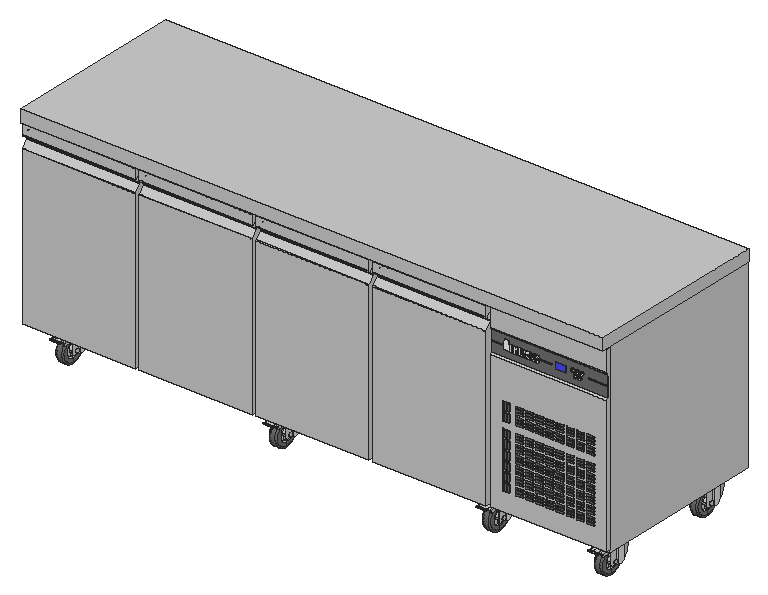
Revit family "QF_INOMAK_PNRP9999_250515103511", category Specialty Equipment, Revit 2021 (continued)
Definition of nested family "QF_INOMAK_REF_COUNTERS_DOORS_DRAWERS_25901"
  Definition of nested family "2_Drawers_1-2"
    Reference planes
      plane 7 "Front legs": y = -690
      plane 8 "Legs top": z = 150
      plane 9 "Backsplash thickness": y = -10
      plane 10 "Left panel": x = 35
      plane 11 "Right panel": x = 1165
      plane 12: z = 600
      plane 13: z = 1046
      plane 14: z = 602
      plane 15: z = 598
      plane 16: z = 154
    Forms (mm)
      Extrusion 1, solid, material <- "Finish", visible <- "2 Drawers"
        sketch origin (35, 0, 0) x (0, -1, 0) y (0, 0, 1)
          loop
            line (690, 602) -> (690, 960.365)
            arc (690, 960.365) -> (689.866, 961.037) -> (689.485, 961.607) r 1.757
            line (689.485, 961.607) -> (666.663, 984.429)
            arc (666.663, 984.429) -> (665.976, 985.458) -> (665.734, 986.672) r 3.172
            line (665.734, 986.672) -> (665.734, 1013.576)
            arc (665.734, 1013.576) -> (666.433, 1015.262) -> (668.119, 1015.961) r 2.385
            line (668.119, 1015.961) -> (680.029, 1015.961) -> (686.544, 1006.657)
            arc (686.544, 1006.657) -> (688.671, 1005.935) -> (690, 1007.747) r 1.9
            line (690, 1007.747) -> (690, 1046) -> (648, 1046) -> (648, 602) -> (690, 602)
        from 0 to -1130
      Extrusion 2, solid, visible <- "2 Drawers", detail levels coarse
        sketch origin (0, -640.463, 602) x (0, 1, 0) y (-1, 0, 0)
          loop
            line (-49.537, -35) -> (-624.537, -35) -> (-624.537, -1165) -> (-49.537, -1165) -> (-49.537, -35)
        from 0 to 444
      Extrusion 3, solid, visible <- "2 Drawers", detail levels coarse
        sketch origin (0, -700, 154) x (-1, 0, 0) y (0, 1, 0)
          loop
            line (-35, 10) -> (-1165, 10) -> (-1165, -565) -> (-35, -565) -> (-35, 10)
        from 0 to -444
      Extrusion 4, solid, material <- "Finish", visible <- "2 Drawers"
        sketch origin (35, 0, -441.333) x (0, -1, 0) y (0, 0, 1)
          loop
            line (690, 595.333) -> (690, 953.698)
            arc (690, 953.698) -> (689.866, 954.37) -> (689.485, 954.94) r 1.757
            line (689.485, 954.94) -> (666.663, 977.763)
            arc (666.663, 977.763) -> (665.976, 978.792) -> (665.734, 980.006) r 3.172
            line (665.734, 980.006) -> (665.734, 1006.909)
            arc (665.734, 1006.909) -> (666.433, 1008.596) -> (668.119, 1009.294) r 2.385
            line (668.119, 1009.294) -> (680.029, 1009.294) -> (686.544, 999.991)
            arc (686.544, 999.991) -> (688.671, 999.268) -> (690, 1001.08) r 1.9
            line (690, 1001.08) -> (690, 1039.333) -> (648, 1039.333) -> (648, 595.333) -> (690, 595.333)
        from 0 to -1130
    Lines and regions (mm)
      symbolic lines, visible <- "2 Drawers"
        curve 1: line (35, -940, 900) -> (35, -980, 900)
        curve 2: line (35, -980, 900) -> (1165, -980, 900)
        curve 3: line (1165, -980, 900) -> (1165, -940, 900)
        curve 4: line (1165, -940, 900) -> (35, -940, 900)
        curve 5: line (1135, -940, 900) -> (1135, -700, 900)
        curve 6: line (65, -940, 900) -> (65, -700, 900)
        curve 7: line (35, -1225, 900) -> (35, -1265, 900)
        curve 8: line (35, -1265, 900) -> (1165, -1265, 900)
        curve 9: line (1165, -1265, 900) -> (1165, -1225, 900)
        curve 10: line (1165, -1225, 900) -> (35, -1225, 900)
        curve 11: line (1135, -1225, 900) -> (1135, -980, 900)
        curve 12: line (65, -1225, 900) -> (65, -980, 900)
    Dimensions and locks
      "Length Actual": plane 3 "Left" to plane 4 "Right"
      "Depth Actual": plane 5 "Front" to plane 1 "Back"
      "Height Actual": plane 6 "Top" to plane 8 "Legs top"
      "Front inset": plane 7 "Front legs" to plane 5 "Front"
      "Plinth height": plane 8 "Legs top" to plane 2
      "Rear inset": plane 9 "Backsplash thickness" to plane 1 "Back"
      "Right panel thickness": plane 11 "Right panel" to plane 4 "Right"
      "Left panel thickness": plane 3 "Left" to plane 10 "Left panel"
      "Top inset": plane 6 "Top" to plane 13
      "Bottom inset": plane 16 to plane 8 "Legs top"
      equal spacing: plane 16, plane 12, plane 13
      locked: plane 14 to plane 12 at 2
      locked: plane 15 to plane 12 at 2
      aligned and locked: level to plane 2
      aligned and locked: Extrusion 1 to plane 11 "Right panel"
      aligned and locked: plane 10 "Left panel" to curve 1
      aligned and locked: plane 10 "Left panel" to curve 7
      aligned and locked: Extrusion 2 sketch curve to plane 10 "Left panel"
      aligned and locked: plane 11 "Right panel" to Extrusion 2 sketch curve
      aligned and locked: Extrusion 3 sketch curve to plane 10 "Left panel"
      aligned and locked: plane 11 "Right panel" to Extrusion 3 sketch curve
      aligned and locked: Extrusion 2 to plane 13
      aligned and locked: Extrusion 4 to plane 11 "Right panel"
      aligned and locked: Extrusion 3 to plane 15
      aligned and locked: Extrusion 1 sketch curve to plane 13
      aligned and locked: Extrusion 1 sketch curve to plane 7 "Front legs"
      aligned and locked: plane 14 to Extrusion 1 sketch curve
      aligned and locked: Extrusion 4 sketch curve to plane 15
      aligned and locked: Extrusion 4 sketch curve to plane 7 "Front legs"
      aligned and locked: Extrusion 4 sketch curve to plane 16
    Automatic sketch dimensions
      Extrusion 2 sketch curve to plane 7 "Front legs" = 0 mm
      Extrusion 2 sketch curve to plane 5 "Front" = 565 mm
      Extrusion 3 sketch curve to plane 7 "Front legs" = 0 mm
      Extrusion 3 sketch curve to plane 5 "Front" = 565 mm
      curve 9 to plane 11 "Right panel" = 0 mm
      curve 2 to plane 11 "Right panel" = 0 mm
      curve 5 to plane 5 "Front" = 0 mm
      curve 6 to plane 5 "Front" = 0 mm
      curve 1 to plane 5 "Front" = 240 mm
      curve 3 to curve 3 = 40 mm
      curve 7 to curve 1 = 245 mm
      curve 8 to curve 9 = 40 mm
      plane 11 "Right panel" to curve 5 = 30 mm
      curve 2 to curve 11 = 30 mm
      curve 6 to plane 10 "Left panel" = 30 mm
      curve 12 to plane 10 "Left panel" = 30 mm
      Extrusion 1 sketch curve to Extrusion 1 sketch curve = 17.734 mm
      Extrusion 1 sketch curve to Extrusion 1 sketch curve = 0.929 mm
      Extrusion 1 sketch curve to Extrusion 1 sketch curve = 2.385 mm
      Extrusion 1 sketch curve to Extrusion 1 sketch curve = 3.172 mm
      Extrusion 1 sketch curve to Extrusion 1 sketch curve = 11.91 mm
      Extrusion 1 sketch curve to Extrusion 1 sketch curve = 6.515 mm
      Extrusion 1 sketch curve to Extrusion 1 sketch curve = 1.556 mm
      Extrusion 1 sketch curve to Extrusion 1 sketch curve = 21.58 mm
      Extrusion 1 sketch curve to Extrusion 1 sketch curve = 1.242 mm
      Extrusion 1 sketch curve to Extrusion 1 sketch curve = 1.9 mm
      Extrusion 1 sketch curve to Extrusion 1 sketch curve = 0.515 mm
      Extrusion 1 sketch curve to Extrusion 1 sketch curve = 22.822 mm
      Extrusion 1 sketch curve to Extrusion 1 sketch curve = 19.985 mm
      Extrusion 1 sketch curve to Extrusion 1 sketch curve = 6.919 mm
      Extrusion 1 sketch curve to Extrusion 1 sketch curve = 30.039 mm
      Extrusion 4 sketch curve to plane 7 "Front legs" = 0 mm
      plane 7 "Front legs" to Extrusion 4 sketch curve = 0.515 mm
      plane 7 "Front legs" to Extrusion 4 sketch curve = 1.757 mm
      plane 7 "Front legs" to Extrusion 4 sketch curve = 1.9 mm
      Extrusion 4 sketch curve to Extrusion 4 sketch curve = 1.556 mm
      plane 7 "Front legs" to Extrusion 4 sketch curve = 9.971 mm
      plane 7 "Front legs" to Extrusion 4 sketch curve = 21.094 mm
      Extrusion 4 sketch curve to Extrusion 4 sketch curve = 11.91 mm
      Extrusion 4 sketch curve to Extrusion 4 sketch curve = 2.243 mm
      Extrusion 4 sketch curve to Extrusion 4 sketch curve = 2.385 mm
      Extrusion 4 sketch curve to Extrusion 4 sketch curve = 20.119 mm
      Extrusion 4 sketch curve to Extrusion 4 sketch curve = 22.822 mm
      Extrusion 4 sketch curve to Extrusion 4 sketch curve = 19.985 mm
      Extrusion 4 sketch curve to Extrusion 4 sketch curve = 6.919 mm
      Extrusion 4 sketch curve to Extrusion 4 sketch curve = 30.039 mm
  Definition of nested family "2_Drawers_1-3_2-3"
    Parameters (values of type "2 Drawers 1-3 and 2-3")
      URL = "www.specifiglobal.com"
      Top inset [instance] = 4 mm
      Right panel thickness [instance] = 35 mm
      Rear inset [instance] = 10 mm
      Plinth height [instance] = 150 mm
      Model = ""
      Manufacturer = "DEMO CONSULTANT"
      Length Actual [instance] = 1200 mm
      Left panel thickness [instance] = 35 mm
      Height Actual [instance] = 900 mm
      Front inset [instance] = 10 mm
      Finish = none
      Doors drawers type [instance] = 5
      Description = ""
      Depth Actual [instance] = 700 mm
      Default Elevation = 0 mm
      Bottom inset [instance] = 4 mm
      Assembly Code = "E1090320"
      2 Drawers 1-3 and 2-3 [instance] = Doors drawers type = 5  # yes
    Reference planes
      plane 1 "Back": y = 0
      plane 2: z = 0
      plane 3 "Left": x = 0
      plane 4 "Right": x = 1200
      plane 5 "Front": y = -700
      plane 6 "Top": z = 1050
      plane 7 "Front legs": y = -690
      plane 8 "Legs top": z = 150
      plane 9 "Backsplash thickness": y = -10
      plane 10 "Left panel": x = 35
      plane 11 "Right panel": x = 1165
      plane 12: z = 1046
      plane 13: z = 751.833
      plane 14: z = 746.833
      plane 15: z = 154
      plane 16: z = 450.667
      plane 17: z = 152
      plane 18: z = 1048
      plane 19: z = 749.333
    Forms (mm)
      Extrusion 1, solid, material <- "Finish", visible <- "2 Drawers 1-3 and 2-3"
        sketch origin (35, 0, 0) x (0, -1, 0) y (0, 0, 1)
          loop
            line (690, 751.833) -> (690, 960.365)
            arc (690, 960.365) -> (689.866, 961.037) -> (689.485, 961.607) r 1.757
            line (689.485, 961.607) -> (666.663, 984.429)
            arc (666.663, 984.429) -> (665.976, 985.458) -> (665.734, 986.672) r 3.172
            line (665.734, 986.672) -> (665.734, 1013.576)
            arc (665.734, 1013.576) -> (666.433, 1015.262) -> (668.119, 1015.961) r 2.385
            line (668.119, 1015.961) -> (680.029, 1015.961) -> (686.544, 1006.657)
            arc (686.544, 1006.657) -> (688.671, 1005.935) -> (690, 1007.747) r 1.9
            line (690, 1007.747) -> (690, 1046) -> (648, 1046) -> (648, 751.833) -> (690, 751.833)
        from 0 to -1130
      Extrusion 2, solid, visible <- "2 Drawers 1-3 and 2-3", detail levels coarse
        sketch origin (0, -640.463, 751.833) x (0, 1, 0) y (-1, 0, 0)
          loop
            line (-49.537, -35) -> (-624.537, -35) -> (-624.537, -1165) -> (-49.537, -1165) -> (-49.537, -35)
        from 0 to 294.167
      Extrusion 3, solid, visible <- "2 Drawers 1-3 and 2-3", detail levels coarse
        sketch origin (0, -700, 154) x (-1, 0, 0) y (0, 1, 0)
          loop
            line (-35, 10) -> (-1165, 10) -> (-1165, -565) -> (-35, -565) -> (-35, 10)
        from 0 to -592.833
      Extrusion 4, solid, material <- "Finish", visible <- "2 Drawers 1-3 and 2-3"
        sketch origin (35, 0, -441.333) x (0, -1, 0) y (0, 0, 1)
          loop
            line (690, 595.333) -> (690, 1101.698)
            arc (690, 1101.698) -> (689.866, 1102.37) -> (689.485, 1102.94) r 1.757
            line (689.485, 1102.94) -> (666.663, 1126.596)
            arc (666.663, 1126.596) -> (665.976, 1127.625) -> (665.734, 1128.839) r 3.172
            line (665.734, 1128.839) -> (665.734, 1155.743)
            arc (665.734, 1155.743) -> (666.433, 1157.429) -> (668.119, 1158.128) r 2.385
            line (668.119, 1158.128) -> (680.029, 1158.128) -> (686.544, 1148.824)
            arc (686.544, 1148.824) -> (688.671, 1148.102) -> (690, 1149.914) r 1.9
            line (690, 1149.914) -> (690, 1188.167) -> (648, 1188.167) -> (648, 595.333) -> (690, 595.333)
        from 0 to -1130
    Lines and regions (mm)
      symbolic lines, visible <- "2 Drawers 1-3 and 2-3"
        curve 1: line (35, -1000, 900) -> (35, -1040, 900)
        curve 2: line (35, -1040, 900) -> (1165, -1040, 900)
        curve 3: line (1165, -1040, 900) -> (1165, -1000, 900)
        curve 4: line (1165, -1000, 900) -> (35, -1000, 900)
        curve 5: line (1135, -1000, 900) -> (1135, -700, 900)
        curve 6: line (65, -1000, 900) -> (65, -700, 900)
        curve 7: line (35, -1225, 900) -> (35, -1265, 900)
        curve 8: line (35, -1265, 900) -> (1165, -1265, 900)
        curve 9: line (1165, -1265, 900) -> (1165, -1225, 900)
        curve 10: line (1165, -1225, 900) -> (35, -1225, 900)
        curve 11: line (1135, -1225, 900) -> (1135, -1040, 900)
        curve 12: line (65, -1225, 900) -> (65, -1040, 900)
    Dimensions and locks
      "Length Actual": plane 3 "Left" to plane 4 "Right"
      "Depth Actual": plane 5 "Front" to plane 1 "Back"
      "Height Actual": plane 6 "Top" to plane 8 "Legs top"
      "Front inset": plane 7 "Front legs" to plane 5 "Front"
      "Plinth height": plane 8 "Legs top" to plane 2
      "Rear inset": plane 9 "Backsplash thickness" to plane 1 "Back"
      "Right panel thickness": plane 11 "Right panel" to plane 4 "Right"
      "Left panel thickness": plane 3 "Left" to plane 10 "Left panel"
      "Top inset": plane 6 "Top" to plane 12
      locked: plane 13 to plane 14 at 5
      "Bottom inset": plane 15 to plane 8 "Legs top"
      equal spacing: plane 17, plane 16, plane 19, plane 18
      equal spacing: plane 12, plane 18, plane 6 "Top"
      equal spacing: plane 14, plane 19, plane 13
      equal spacing: plane 15, plane 17, plane 8 "Legs top"
      aligned and locked: level to plane 2
      aligned and locked: Extrusion 1 to plane 11 "Right panel"
      aligned and locked: plane 10 "Left panel" to curve 1
      aligned and locked: plane 10 "Left panel" to curve 7
      aligned and locked: Extrusion 2 sketch curve to plane 10 "Left panel"
      aligned and locked: plane 11 "Right panel" to Extrusion 2 sketch curve
      aligned and locked: Extrusion 3 sketch curve to plane 10 "Left panel"
      aligned and locked: plane 11 "Right panel" to Extrusion 3 sketch curve
      aligned and locked: Extrusion 2 to plane 12
      aligned and locked: Extrusion 4 to plane 11 "Right panel"
      aligned and locked: Extrusion 3 to plane 14
      aligned and locked: plane 13 to Extrusion 1 sketch curve
      aligned and locked: Extrusion 2 to Extrusion 1 sketch curve
      aligned and locked: Extrusion 3 to Extrusion 4 sketch curve
      aligned and locked: Extrusion 4 sketch curve to Extrusion 3  (x2)
      aligned and locked: Extrusion 1 sketch curve to plane 7 "Front legs"
    Automatic sketch dimensions
      Extrusion 2 sketch curve to plane 7 "Front legs" = 0 mm
      Extrusion 2 sketch curve to plane 5 "Front" = 565 mm
      Extrusion 3 sketch curve to plane 7 "Front legs" = 0 mm
      Extrusion 3 sketch curve to plane 5 "Front" = 565 mm
      curve 9 to plane 11 "Right panel" = 0 mm
      curve 2 to plane 11 "Right panel" = 0 mm
      curve 5 to plane 5 "Front" = 0 mm
      curve 6 to plane 5 "Front" = 0 mm
      curve 1 to plane 5 "Front" = 300 mm
      curve 3 to curve 3 = 40 mm
      curve 7 to curve 1 = 185 mm
      curve 8 to curve 9 = 40 mm
      plane 11 "Right panel" to curve 5 = 30 mm
      curve 11 to curve 5 = 0 mm
      curve 6 to plane 10 "Left panel" = 30 mm
      curve 12 to curve 6 = 0 mm
      Extrusion 1 sketch curve to plane 7 "Front legs" = 0 mm
      plane 7 "Front legs" to Extrusion 1 sketch curve = 0.515 mm
      plane 7 "Front legs" to Extrusion 1 sketch curve = 1.757 mm
      plane 7 "Front legs" to Extrusion 1 sketch curve = 1.9 mm
      Extrusion 1 sketch curve to Extrusion 1 sketch curve = 1.556 mm
      plane 7 "Front legs" to Extrusion 1 sketch curve = 9.971 mm
      plane 7 "Front legs" to Extrusion 1 sketch curve = 21.094 mm
      Extrusion 1 sketch curve to Extrusion 1 sketch curve = 11.91 mm
      Extrusion 1 sketch curve to Extrusion 1 sketch curve = 2.243 mm
      Extrusion 1 sketch curve to Extrusion 1 sketch curve = 2.385 mm
      Extrusion 1 sketch curve to Extrusion 1 sketch curve = 20.119 mm
      plane 12 to Extrusion 1 sketch curve = 85.635 mm
      Extrusion 1 sketch curve to Extrusion 1 sketch curve = 22.822 mm
      Extrusion 1 sketch curve to Extrusion 1 sketch curve = 19.985 mm
      Extrusion 1 sketch curve to Extrusion 1 sketch curve = 6.919 mm
      plane 12 to Extrusion 1 sketch curve = 0 mm
      Extrusion 4 sketch curve to plane 7 "Front legs" = 0 mm
      plane 7 "Front legs" to Extrusion 4 sketch curve = 0.515 mm
      plane 7 "Front legs" to Extrusion 4 sketch curve = 1.9 mm
      Extrusion 4 sketch curve to Extrusion 4 sketch curve = 1.556 mm
      plane 7 "Front legs" to Extrusion 4 sketch curve = 9.971 mm
      plane 7 "Front legs" to Extrusion 4 sketch curve = 21.094 mm
      Extrusion 4 sketch curve to Extrusion 4 sketch curve = 11.91 mm
      Extrusion 4 sketch curve to Extrusion 4 sketch curve = 2.243 mm
      Extrusion 4 sketch curve to Extrusion 4 sketch curve = 2.385 mm
      Extrusion 4 sketch curve to Extrusion 4 sketch curve = 20.119 mm
      Extrusion 4 sketch curve to Extrusion 4 sketch curve = 86.469 mm
      Extrusion 4 sketch curve to Extrusion 4 sketch curve = 23.656 mm
      Extrusion 4 sketch curve to Extrusion 4 sketch curve = 19.985 mm
      Extrusion 4 sketch curve to Extrusion 4 sketch curve = 6.919 mm
      plane 7 "Front legs" to Extrusion 4 sketch curve = 1.757 mm
  Definition of nested family "Sliding_Doors"
    Parameters (values of type "Sliding doors")
      URL = "www.specifiglobal.com"
      Top inset [instance] = 4 mm
      Sliding doors [instance] = Doors drawers type = 2  # yes
      Right panel thickness [instance] = 35 mm
      Rear inset [instance] = 10 mm
      Plinth height [instance] = 150 mm
      Model = ""
      Manufacturer = "DEMO CONSULTANT"
      Length Actual [instance] = 1200 mm
      Left panel thickness [instance] = 35 mm
      Height Actual [instance] = 900 mm
      Front inset [instance] = 10 mm
      Finish [instance] = none
      Doors drawers type [instance] = 2
      Description = ""
      Depth Actual [instance] = 700 mm
      Default Elevation = 0 mm
      Bottom inset [instance] = 4 mm
      Assembly Code = "E1090320"
    Reference planes
      plane 1 "Back": y = 0
      plane 2: z = 0
      plane 3 "Left": x = 0
      plane 4 "Right": x = 1200
      plane 5 "Front": y = -700
      plane 6 "Top": z = 1050
      plane 7 "Front legs": y = -690
      plane 8 "Legs top": z = 150
      plane 9 "Backsplash thickness": y = -10
      plane 10: x = 35
      plane 11: x = 1165
      plane 12 "Center Left-Right": x = 600
      plane 13: z = 154
      plane 14: z = 1046
    Forms (mm)
      Extrusion 1, solid, material <- "Finish", visible <- "Sliding doors"
        sketch origin (0, -690, 154) x (-1, 0, 0) y (0, 1, 0)
          loop
            line (-35, 10) -> (-35, 20) -> (-620, 20) -> (-620, 0) -> (-91.156, 0)
            arc (-91.156, 0) -> (-85.272, 0.885) -> (-79.91, 3.461) r 20
            line (-79.91, 3.461) -> (-60, 17) -> (-38, 17) -> (-38, 10)
            arc (-38, 10) -> (-40.05, 5.05) -> (-45, 3) r 7
            line (-45, 3) -> (-50.012, 3) -> (-50.012, 0) -> (-45, 0)
            arc (-45, 0) -> (-37.929, 2.929) -> (-35, 10) r 10
        from 0 to -892
      Extrusion 2, solid, material <- "Finish", visible <- "Sliding doors"
        sketch origin (0, -689, 154) x (-1, 0, 0) y (0, 1, 0)
          loop
            arc (-1065, 30) -> (-1062.071, 22.929) -> (-1055, 20) r 10
            line (-1055, 20) -> (-1049.988, 20) -> (-1049.988, 23) -> (-1055, 23)
            arc (-1055, 23) -> (-1059.95, 25.05) -> (-1062, 30) r 7
            line (-1062, 30) -> (-1062, 37) -> (-1040, 37) -> (-1020.09, 23.461)
            arc (-1020.09, 23.461) -> (-1014.728, 20.885) -> (-1008.844, 20) r 20
            line (-1008.844, 20) -> (-480, 20) -> (-480, 40) -> (-1065, 40) -> (-1065, 30)
        from 0 to -892
    Lines and regions (mm)
      symbolic lines, visible <- "Sliding doors"
        curve 1: line (1065, -649, 150) -> (480, -649, 150)
        curve 2: line (1065, -669, 150) -> (1065, -649, 150)
        curve 3: line (480, -669, 150) -> (1065, -669, 150)
        curve 4: line (480, -649, 150) -> (480, -669, 150)
        curve 5: line (620, -690, 150) -> (35, -690, 150)
        curve 6: line (620, -670, 150) -> (620, -690, 150)
        curve 7: line (35, -670, 150) -> (620, -670, 150)
        curve 8: line (35, -690, 150) -> (35, -670, 150)
    Dimensions and locks
      "Length Actual": plane 3 "Left" to plane 4 "Right"
      "Depth Actual": plane 5 "Front" to plane 1 "Back"
      "Height Actual": plane 6 "Top" to plane 8 "Legs top"
      "Front inset": plane 7 "Front legs" to plane 5 "Front"
      "Plinth height": plane 8 "Legs top" to plane 2
      "Rear inset": plane 9 "Backsplash thickness" to plane 1 "Back"
      "Right panel thickness": plane 11 to plane 4 "Right"
      "Left panel thickness": plane 3 "Left" to plane 10
      equal spacing: plane 10, plane 12 "Center Left-Right", plane 11
      "Top inset": plane 6 "Top" to plane 14
      "Bottom inset": plane 13 to plane 8 "Legs top"
      locked: plane 12 "Center Left-Right" to curve 4 at 120
      locked: plane 12 "Center Left-Right" to curve 5 at 20
      locked: plane 11 to curve 1 at 100
      aligned and locked: level to plane 2
      aligned and locked: Extrusion 1 sketch curve to plane 7 "Front legs"
      aligned and locked: Extrusion 1 sketch curve to plane 10
      aligned and locked: Extrusion 1 to plane 14
      aligned and locked: Extrusion 2 to plane 14
      aligned and locked: curve 8 to plane 10
    Automatic sketch dimensions
      Extrusion 2 sketch curve to Extrusion 2 sketch curve = 0 mm  (x2)
      plane 11 to Extrusion 2 sketch curve = 100 mm
      Extrusion 2 sketch curve to Extrusion 2 sketch curve = 3 mm
      Extrusion 2 sketch curve to Extrusion 2 sketch curve = 7 mm  (x2)
      Extrusion 2 sketch curve to Extrusion 2 sketch curve = 5.012 mm
      plane 7 "Front legs" to Extrusion 2 sketch curve = 38 mm
      Extrusion 2 sketch curve to Extrusion 2 sketch curve = 15 mm
      plane 7 "Front legs" to Extrusion 2 sketch curve = 24.461 mm
      Extrusion 2 sketch curve to Extrusion 2 sketch curve = 19.91 mm
      Extrusion 2 sketch curve to Extrusion 2 sketch curve = 11.246 mm
      Extrusion 2 sketch curve to plane 12 "Center Left-Right" = 120 mm
      Extrusion 2 sketch curve to Extrusion 2 sketch curve = 16.539 mm
      Extrusion 2 sketch curve to Extrusion 2 sketch curve = 20 mm
      Extrusion 1 sketch curve to Extrusion 1 sketch curve = 0 mm  (x2)
      Extrusion 1 sketch curve to plane 7 "Front legs" = 0 mm
      Extrusion 1 sketch curve to plane 10 = 3 mm
      Extrusion 1 sketch curve to Extrusion 1 sketch curve = 7 mm
      Extrusion 1 sketch curve to Extrusion 1 sketch curve = 5.012 mm
      Extrusion 1 sketch curve to Extrusion 1 sketch curve = 15 mm
      plane 7 "Front legs" to Extrusion 1 sketch curve = 3.461 mm
      Extrusion 1 sketch curve to Extrusion 1 sketch curve = 19.91 mm
      Extrusion 1 sketch curve to Extrusion 1 sketch curve = 11.246 mm
      plane 12 "Center Left-Right" to Extrusion 1 sketch curve = 20 mm
      Extrusion 1 sketch curve to Extrusion 1 sketch curve = 20 mm
      Extrusion 1 sketch curve to Extrusion 1 sketch curve = 3 mm
      curve 8 to plane 7 "Front legs" = 0 mm
      curve 5 to curve 6 = 20 mm
      plane 7 "Front legs" to curve 2 = 21 mm
      curve 2 to curve 2 = 20 mm
  Definition of nested family "4_Drawers_1-4"
    Parameters (values of type "4 Drawers 1-4")
      URL = "www.specifiglobal.com"
      Top inset [instance] = 4 mm
      Right panel thickness [instance] = 35 mm
      Rear inset [instance] = 10 mm
      Plinth height [instance] = 150 mm
      Model = ""
      Manufacturer = "DEMO CONSULTANT"
      Length Actual [instance] = 1200 mm
      Left panel thickness [instance] = 35 mm
      Height Actual [instance] = 900 mm
      Front inset [instance] = 10 mm
      Finish [instance] = none
      Doors drawers type [instance] = 7
      Description = ""
      Depth Actual [instance] = 700 mm
      Default Elevation = 0 mm
      Bottom inset [instance] = 4 mm
      Assembly Code = "E1090320"
      4 Drawers [instance] = Doors drawers type = 7  # yes
    Reference planes
      plane 1 "Back": y = 0
      plane 2: z = 0
      plane 3 "Left": x = 0
      plane 4 "Right": x = 1200
      plane 5 "Front": y = -700
      plane 6 "Top": z = 1050
      plane 7 "Front legs": y = -690
      plane 8 "Legs top": z = 150
      plane 9 "Backsplash thickness": y = -10
      plane 10 "Left panel": x = 35
      plane 11 "Right panel": x = 1165
      plane 12: z = 824.25
      plane 13: z = 1046
      plane 14: z = 826.083
      plane 15: z = 822.417
      plane 16: z = 1048.5
      plane 17: z = 375.75
      plane 18: z = 377.917
      plane 19: z = 373.583
      plane 20: z = 154
      plane 21: z = 151.5
      plane 22: z = 600
      plane 23: z = 601.833
      plane 24: z = 598.167
    Forms (mm)
      Extrusion 1, solid, material <- "Finish", visible <- "4 Drawers"
        sketch origin (35, 0, -1) x (0, -1, 0) y (0, 0, 1)
          loop
            line (680, 1047) -> (670, 1047) -> (670, 827.083) -> (690, 827.083) -> (690, 990.844)
            arc (690, 990.844) -> (689.115, 996.728) -> (686.539, 1002.09) r 20
            line (686.539, 1002.09) -> (673, 1022) -> (673, 1044) -> (680, 1044)
            arc (680, 1044) -> (684.95, 1041.95) -> (687, 1037) r 7
            line (687, 1037) -> (687, 1031.988) -> (690, 1031.988) -> (690, 1037)
            arc (690, 1037) -> (687.071, 1044.071) -> (680, 1047) r 10
        from 0 to -1130
      Extrusion 2, solid, visible <- "4 Drawers", detail levels coarse
        sketch origin (0, -640.463, 826.083) x (0, 1, 0) y (-1, 0, 0)
          loop
            line (-49.537, -35) -> (-624.537, -35) -> (-624.537, -1165) -> (-49.537, -1165) -> (-49.537, -35)
        from 0 to 219.917
      Extrusion 3, solid, visible <- "4 Drawers", detail levels coarse
        sketch origin (0, -700, 154) x (-1, 0, 0) y (0, 1, 0)
          loop
            line (-35, 10) -> (-1165, 10) -> (-1165, -565) -> (-35, -565) -> (-35, 10)
        from 0 to -219.583
      Extrusion 4, solid, material <- "Finish", visible <- "4 Drawers"
        sketch origin (35, 0, -440.333) x (0, -1, 0) y (0, 0, 1)
          loop
            line (680, 813.917) -> (670, 813.917) -> (670, 594.333) -> (690, 594.333) -> (690, 757.761)
            arc (690, 757.761) -> (689.115, 763.644) -> (686.539, 769.007) r 20
            line (686.539, 769.007) -> (673, 788.917) -> (673, 810.917) -> (680, 810.917)
            arc (680, 810.917) -> (684.95, 808.866) -> (687, 803.917) r 7
            line (687, 803.917) -> (687, 798.904) -> (690, 798.904) -> (690, 803.917)
            arc (690, 803.917) -> (687.071, 810.988) -> (680, 813.917) r 10
        from 0 to -1130
      Extrusion 5, solid, material <- "Finish", visible <- "4 Drawers"
        sketch origin (35, 0, -165.333) x (0, -1, 0) y (0, 0, 1)
          loop
            line (680, 987.75) -> (670, 987.75) -> (670, 767.167) -> (690, 767.167) -> (690, 931.594)
            arc (690, 931.594) -> (689.115, 937.478) -> (686.539, 942.84) r 20
            line (686.539, 942.84) -> (673, 962.75) -> (673, 984.75) -> (680, 984.75)
            arc (680, 984.75) -> (684.95, 982.7) -> (687, 977.75) r 7
            line (687, 977.75) -> (687, 972.738) -> (690, 972.738) -> (690, 977.75)
            arc (690, 977.75) -> (687.071, 984.821) -> (680, 987.75) r 10
        from 0 to -1130
      Extrusion 6, solid, material <- "Finish", visible <- "4 Drawers"
        sketch origin (35, 0, -330.333) x (0, -1, 0) y (0, 0, 1)
          loop
            line (680, 928.5) -> (670, 928.5) -> (670, 708.25) -> (690, 708.25) -> (690, 872.344)
            arc (690, 872.344) -> (689.115, 878.228) -> (686.539, 883.59) r 20
            line (686.539, 883.59) -> (673, 903.5) -> (673, 925.5) -> (680, 925.5)
            arc (680, 925.5) -> (684.95, 923.45) -> (687, 918.5) r 7
            line (687, 918.5) -> (687, 913.488) -> (690, 913.488) -> (690, 918.5)
            arc (690, 918.5) -> (687.071, 925.571) -> (680, 928.5) r 10
        from 0 to -1130
      Extrusion 7, solid, visible <- "4 Drawers", detail levels coarse
        sketch origin (0, -500.463, 601.833) x (0, 1, 0) y (-1, 0, 0)
          loop
            line (-189.537, -35) -> (-764.537, -35) -> (-764.537, -1165) -> (-189.537, -1165) -> (-189.537, -35)
        from 0 to 220.583
      Extrusion 8, solid, visible <- "4 Drawers", detail levels coarse
        sketch origin (0, -540.463, 377.917) x (0, 1, 0) y (-1, 0, 0)
          loop
            line (-149.537, -35) -> (-724.537, -35) -> (-724.537, -1165) -> (-149.537, -1165) -> (-149.537, -35)
        from 0 to 220.25
    Lines and regions (mm)
      symbolic lines, visible <- "4 Drawers"
        curve 1: line (35, -945, 900) -> (35, -985, 900)
        curve 2: line (35, -985, 900) -> (1165, -985, 900)
        curve 3: line (1165, -985, 900) -> (1165, -945, 900)
        curve 4: line (1165, -945, 900) -> (35, -945, 900)
        curve 5: line (1135, -945, 900) -> (1135, -845, 900)
        curve 6: line (65, -945, 900) -> (65, -845, 900)
        curve 7: line (35, -1085, 900) -> (35, -1125, 900)
        curve 8: line (35, -1125, 900) -> (1165, -1125, 900)
        curve 9: line (1165, -1125, 900) -> (1165, -1085, 900)
        curve 10: line (1165, -1085, 900) -> (35, -1085, 900)
        curve 11: line (1135, -1085, 900) -> (1135, -985, 900)
        curve 12: line (65, -1085, 900) -> (65, -985, 900)
        curve 13: line (35, -1225, 900) -> (35, -1265, 900)
        curve 14: line (35, -1265, 900) -> (1165, -1265, 900)
        curve 15: line (1165, -1265, 900) -> (1165, -1225, 900)
        curve 16: line (1165, -1225, 900) -> (35, -1225, 900)
        curve 17: line (1135, -1225, 900) -> (1135, -1125, 900)
        curve 18: line (65, -1225, 900) -> (65, -1125, 900)
        curve 19: line (35, -805, 900) -> (35, -845, 900)
        curve 20: line (35, -845, 900) -> (1165, -845, 900)
        curve 21: line (1165, -845, 900) -> (1165, -805, 900)
        curve 22: line (1165, -805, 900) -> (35, -805, 900)
        curve 23: line (65, -805, 900) -> (65, -700, 900)
        curve 24: line (1135, -805, 900) -> (1135, -700, 900)
    Dimensions and locks
      "Length Actual": plane 3 "Left" to plane 4 "Right"
      "Depth Actual": plane 5 "Front" to plane 1 "Back"
      "Height Actual": plane 6 "Top" to plane 8 "Legs top"
      "Front inset": plane 7 "Front legs" to plane 5 "Front"
      "Plinth height": plane 8 "Legs top" to plane 2
      "Rear inset": plane 9 "Backsplash thickness" to plane 1 "Back"
      "Right panel thickness": plane 11 "Right panel" to plane 4 "Right"
      "Left panel thickness": plane 3 "Left" to plane 10 "Left panel"
      locked: plane 14 to plane 15 at 3.667
      equal spacing: plane 14, plane 12, plane 15
      locked: plane 23 to plane 24 at 3.667
      equal spacing: plane 23, plane 22, plane 24
      "Bottom inset": plane 20 to plane 8 "Legs top"
      equal spacing: plane 19, plane 17, plane 18
      locked: plane 19 to plane 18 at 4.333
      equal spacing: plane 21, plane 17, plane 22, plane 12, plane 16
      locked: plane 13 to plane 16 at 2.5
      "Top inset": plane 13 to plane 6 "Top"
      locked: plane 21 to plane 20 at 2.5
      aligned and locked: level to plane 2
      aligned and locked: plane 7 "Front legs" to Extrusion 1 sketch curve  (x2)
      aligned and locked: Extrusion 1 to plane 11 "Right panel"
      aligned and locked: Extrusion 1 sketch curve to plane 13
      aligned and locked: Extrusion 1 sketch curve to plane 14
      aligned and locked: plane 10 "Left panel" to curve 1
      aligned and locked: plane 10 "Left panel" to curve 7
      aligned and locked: plane 10 "Left panel" to curve 13
      aligned and locked: Extrusion 2 sketch curve to plane 10 "Left panel"
      aligned and locked: plane 11 "Right panel" to Extrusion 2 sketch curve
      aligned and locked: Extrusion 3 sketch curve to plane 10 "Left panel"
      aligned and locked: plane 11 "Right panel" to Extrusion 3 sketch curve
      aligned and locked: Extrusion 2 to plane 13
      aligned and locked: Extrusion 3 to plane 19
      aligned and locked: plane 20 to Extrusion 4 sketch curve
      aligned and locked: Extrusion 4 to plane 11 "Right panel"
      aligned and locked: Extrusion 5 sketch curve to plane 15
      aligned and locked: plane 7 "Front legs" to Extrusion 5 sketch curve
      aligned and locked: Extrusion 5 sketch curve to plane 23
      aligned and locked: Extrusion 6 sketch curve to plane 24
      aligned and locked: plane 7 "Front legs" to Extrusion 6 sketch curve
      aligned and locked: Extrusion 6 sketch curve to plane 18
      aligned and locked: Extrusion 7 to plane 15
      aligned and locked: Extrusion 8 to plane 24
      aligned and locked: Extrusion 5 to plane 11 "Right panel"
      aligned and locked: Extrusion 6 to plane 11 "Right panel"
    Automatic sketch dimensions
      Extrusion 1 sketch curve to Extrusion 1 sketch curve = 0 mm  (x2)
      plane 7 "Front legs" to Extrusion 1 sketch curve = 3 mm
      plane 7 "Front legs" to Extrusion 1 sketch curve = 3.461 mm
      plane 7 "Front legs" to Extrusion 1 sketch curve = 10 mm
      Extrusion 1 sketch curve to Extrusion 1 sketch curve = 7 mm
      plane 7 "Front legs" to Extrusion 1 sketch curve = 20 mm  (x2)
      Extrusion 1 sketch curve to Extrusion 1 sketch curve = 46.156 mm
      Extrusion 1 sketch curve to Extrusion 1 sketch curve = 15 mm
      Extrusion 1 sketch curve to Extrusion 1 sketch curve = 5.012 mm
      Extrusion 2 sketch curve to plane 7 "Front legs" = 0 mm
      Extrusion 2 sketch curve to plane 5 "Front" = 565 mm
      Extrusion 3 sketch curve to plane 7 "Front legs" = 0 mm
      Extrusion 3 sketch curve to plane 5 "Front" = 565 mm
      Extrusion 5 sketch curve to Extrusion 5 sketch curve = 0 mm  (x2)
      Extrusion 5 sketch curve to plane 7 "Front legs" = 0 mm
      plane 7 "Front legs" to Extrusion 5 sketch curve = 3 mm
      plane 7 "Front legs" to Extrusion 5 sketch curve = 3.461 mm
      plane 7 "Front legs" to Extrusion 5 sketch curve = 10 mm
      Extrusion 5 sketch curve to Extrusion 5 sketch curve = 7 mm
      plane 7 "Front legs" to Extrusion 5 sketch curve = 20 mm  (x2)
      Extrusion 5 sketch curve to Extrusion 5 sketch curve = 46.156 mm
      Extrusion 5 sketch curve to Extrusion 5 sketch curve = 15 mm
      Extrusion 5 sketch curve to Extrusion 5 sketch curve = 5.012 mm
      Extrusion 6 sketch curve to Extrusion 6 sketch curve = 0 mm  (x2)
      Extrusion 6 sketch curve to plane 7 "Front legs" = 0 mm
      plane 7 "Front legs" to Extrusion 6 sketch curve = 3 mm
      plane 7 "Front legs" to Extrusion 6 sketch curve = 3.461 mm
      plane 7 "Front legs" to Extrusion 6 sketch curve = 10 mm
      Extrusion 6 sketch curve to Extrusion 6 sketch curve = 7 mm
      plane 7 "Front legs" to Extrusion 6 sketch curve = 20 mm  (x2)
      Extrusion 6 sketch curve to Extrusion 6 sketch curve = 46.156 mm
      Extrusion 6 sketch curve to Extrusion 6 sketch curve = 15 mm
      Extrusion 6 sketch curve to Extrusion 6 sketch curve = 5.012 mm
      curve 14 to plane 11 "Right panel" = 0 mm
      curve 8 to plane 11 "Right panel" = 0 mm
      curve 2 to plane 11 "Right panel" = 0 mm
      curve 21 to plane 11 "Right panel" = 0 mm
      curve 20 to plane 10 "Left panel" = 0 mm
      curve 23 to plane 5 "Front" = 0 mm
      curve 24 to plane 5 "Front" = 0 mm
      curve 21 to plane 5 "Front" = 105 mm
      curve 20 to curve 21 = 40 mm
      curve 3 to curve 20 = 100 mm
      curve 3 to curve 3 = 40 mm
      curve 10 to curve 1 = 100 mm
      curve 9 to curve 9 = 40 mm
      curve 15 to curve 8 = 100 mm
      curve 15 to curve 15 = 40 mm
      plane 11 "Right panel" to curve 24 = 30 mm
      curve 8 to curve 17 = 30 mm
      curve 11 to curve 17 = 0 mm
      curve 23 to plane 10 "Left panel" = 30 mm
      curve 12 to curve 6 = 0 mm
      curve 18 to curve 12 = 0 mm
      Extrusion 4 sketch curve to Extrusion 4 sketch curve = 0 mm  (x2)
      plane 19 to Extrusion 4 sketch curve = 0 mm
      Extrusion 4 sketch curve to plane 7 "Front legs" = 0 mm  (x2)
      plane 7 "Front legs" to Extrusion 4 sketch curve = 3 mm
      plane 7 "Front legs" to Extrusion 4 sketch curve = 3.461 mm
      plane 7 "Front legs" to Extrusion 4 sketch curve = 10 mm
      Extrusion 4 sketch curve to Extrusion 4 sketch curve = 7 mm
      plane 7 "Front legs" to Extrusion 4 sketch curve = 20 mm  (x2)
      Extrusion 4 sketch curve to Extrusion 4 sketch curve = 46.156 mm
      Extrusion 4 sketch curve to Extrusion 4 sketch curve = 15 mm
      Extrusion 4 sketch curve to Extrusion 4 sketch curve = 5.012 mm
      Extrusion 7 sketch curve to plane 10 "Left panel" = 0 mm
      Extrusion 7 sketch curve to plane 11 "Right panel" = 0 mm
      Extrusion 7 sketch curve to plane 7 "Front legs" = 0 mm
      Extrusion 7 sketch curve to plane 5 "Front" = 565 mm
      Extrusion 8 sketch curve to plane 10 "Left panel" = 0 mm
      Extrusion 8 sketch curve to plane 11 "Right panel" = 0 mm
      Extrusion 8 sketch curve to plane 7 "Front legs" = 0 mm
      Extrusion 8 sketch curve to plane 5 "Front" = 565 mm
      curve 6 to plane 10 "Left panel" = 30 mm
      curve 5 to curve 24 = 0 mm
  Definition of nested family "Hinged_Doors"
    Parameters (values of type "Hinged doors")
      URL = "www.specifiglobal.com"
      Top inset [instance] = 4 mm
      Right panel thickness [instance] = 35 mm
      Rear inset [instance] = 10 mm
      Plinth height [instance] = 150 mm
      Model = ""
      Manufacturer = "DEMO CONSULTANT"
      Length Actual [instance] = 1200 mm
      Left panel thickness [instance] = 35 mm
      Hinged doors [instance] = Doors drawers type = 3  # yes
      Height Actual [instance] = 900 mm
      Front inset [instance] = 10 mm
      Finish [instance] = none
      Doors drawers type [instance] = 3
      Description = ""
      Depth Actual [instance] = 700 mm
      Default Elevation = 0 mm
      Bottom inset [instance] = 4 mm
      Assembly Code = "E1090320"
    Reference planes
      plane 1 "Back": y = 0
      plane 2: z = 0
      plane 3 "Left": x = 0
      plane 4 "Right": x = 1200
      plane 5 "Front": y = -700
      plane 6 "Top": z = 1050
      plane 7 "Front legs": y = -690
      plane 8 "Legs top": z = 150
      plane 9 "Backsplash thickness": y = -10
      plane 10: x = 35
      plane 11: x = 1165
      plane 12 "Center Left-Right": x = 600
      plane 13: x = 597.5
      plane 14: x = 602.5
      plane 15: z = 154
      plane 16: z = 1046
    Forms (mm)
      Extrusion 1, solid, material <- "Finish", visible <- "Hinged doors"
        sketch origin (35, -2307.849, 4000) x (0, -1, 0) y (0, 0, 1)
          loop
            line (-1627.849, -2954) -> (-1637.849, -2954) -> (-1637.849, -3846) -> (-1617.849, -3846) -> (-1617.849, -3010.156)
            arc (-1617.849, -3010.156) -> (-1618.734, -3004.272) -> (-1621.31, -2998.91) r 20
            line (-1621.31, -2998.91) -> (-1634.849, -2979) -> (-1634.849, -2957) -> (-1627.849, -2957)
            arc (-1627.849, -2957) -> (-1622.899, -2959.05) -> (-1620.849, -2964) r 7
            line (-1620.849, -2964) -> (-1620.849, -2969.012) -> (-1617.849, -2969.012) -> (-1617.849, -2964)
            arc (-1617.849, -2964) -> (-1620.778, -2956.929) -> (-1627.849, -2954) r 10
        from 0 to -562.5
      Extrusion 2, solid, visible <- "Hinged doors", detail levels coarse
        sketch origin (0, -700, 154) x (-1, 0, 0) y (0, 1, 0)
          loop
            line (-35, 10) -> (-597.5, 10)
            arc (-597.5, 10) -> (-432.748, -387.748) -> (-35, -552.5) r 562.5
            line (-35, -552.5) -> (-35, 10)
        from 0 to -892
      Extrusion 3, solid, material <- "Finish", visible <- "Hinged doors"
        sketch origin (1165, -2312.576, 4000) x (0, -1, 0) y (0, 0, 1)
          loop
            line (-1632.576, -2954) -> (-1642.576, -2954) -> (-1642.576, -3846) -> (-1622.576, -3846) -> (-1622.576, -3010.156)
            arc (-1622.576, -3010.156) -> (-1623.46, -3004.272) -> (-1626.037, -2998.91) r 20
            line (-1626.037, -2998.91) -> (-1639.576, -2979) -> (-1639.576, -2957) -> (-1632.576, -2957)
            arc (-1632.576, -2957) -> (-1627.626, -2959.05) -> (-1625.576, -2964) r 7
            line (-1625.576, -2964) -> (-1625.576, -2969.012) -> (-1622.576, -2969.012) -> (-1622.576, -2964)
            arc (-1622.576, -2964) -> (-1625.504, -2956.929) -> (-1632.576, -2954) r 10
        from 0 to 562.5
      Extrusion 4, solid, visible <- "Hinged doors", detail levels coarse
        sketch origin (0, -700, 154) x (-1, 0, 0) y (0, 1, 0)
          loop
            line (-1165, 10) -> (-1165, -552.5)
            arc (-1165, -552.5) -> (-767.252, -387.748) -> (-602.5, 10) r 562.5
            line (-602.5, 10) -> (-1165, 10)
        from 0 to -892
    Lines and regions (mm)
      symbolic lines, visible <- "Hinged doors"
        curve 1: line (35, -700, 150) -> (35, -1252.5, 150)
        curve 2: arc (35, -1252.5, 150) -> (429.196, -1091.268, 150) -> (597.411, -700, 150) r 562.5
        curve 3: arc (602.589, -700, 150) -> (770.804, -1091.268, 150) -> (1165, -1252.5, 150) r 562.5
        curve 4: line (1165, -1252.5, 150) -> (1165, -700, 150)
    Dimensions and locks
      "Length Actual": plane 3 "Left" to plane 4 "Right"
      "Depth Actual": plane 5 "Front" to plane 1 "Back"
      "Height Actual": plane 6 "Top" to plane 8 "Legs top"
      "Front inset": plane 7 "Front legs" to plane 5 "Front"
      "Plinth height": plane 8 "Legs top" to plane 2
      "Rear inset": plane 9 "Backsplash thickness" to plane 1 "Back"
      "Right panel thickness": plane 11 to plane 4 "Right"
      "Left panel thickness": plane 3 "Left" to plane 10
      equal spacing: plane 10, plane 12 "Center Left-Right", plane 11
      plane 13 to plane 12 "Center Left-Right" = 2.5 mm
      plane 12 "Center Left-Right" to plane 14 = 2.5 mm
      "Bottom inset": plane 15 to plane 8 "Legs top"
      "Top inset": plane 16 to plane 6 "Top"
      aligned and locked: level to plane 2
      aligned and locked: Extrusion 1 to plane 13
      aligned and locked: plane 10 to Extrusion 2 sketch curve
      aligned and locked: plane 13 to Extrusion 2 sketch curve
      aligned and locked: plane 7 "Front legs" to Extrusion 2 sketch curve  (x2)
      aligned and locked: plane 14 to Extrusion 3
      aligned and locked: Extrusion 2 to curve 1
      aligned and locked: curve 2 to Extrusion 2
      aligned and locked: curve 3 to Extrusion 4
      aligned and locked: curve 4 to Extrusion 4
      aligned and locked: plane 5 "Front" to curve 1
      aligned and locked: plane 5 "Front" to curve 2
      aligned and locked: plane 5 "Front" to curve 3
      aligned and locked: plane 5 "Front" to curve 4
      aligned and locked: Extrusion 4 to plane 16
      aligned and locked: Extrusion 2 to plane 16
      aligned and locked: Extrusion 1 sketch curve to plane 16
      aligned and locked: Extrusion 1 sketch curve to plane 15
      aligned and locked: Extrusion 3 sketch curve to plane 15
      aligned and locked: Extrusion 3 sketch curve to plane 16
    Automatic sketch dimensions
      Extrusion 1 sketch curve to Extrusion 1 sketch curve = 0 mm  (x2)
      Extrusion 1 sketch curve to plane 7 "Front legs" = 0 mm  (x2)
      plane 7 "Front legs" to Extrusion 1 sketch curve = 3 mm
      plane 7 "Front legs" to Extrusion 1 sketch curve = 3.461 mm
      plane 7 "Front legs" to Extrusion 1 sketch curve = 10 mm
      Extrusion 1 sketch curve to Extrusion 1 sketch curve = 7 mm
      plane 7 "Front legs" to Extrusion 1 sketch curve = 20 mm  (x2)
      Extrusion 1 sketch curve to Extrusion 1 sketch curve = 46.156 mm
      Extrusion 1 sketch curve to Extrusion 1 sketch curve = 15 mm
      Extrusion 1 sketch curve to Extrusion 1 sketch curve = 5.012 mm
      Extrusion 3 sketch curve to Extrusion 3 sketch curve = 0 mm  (x2)
      Extrusion 3 sketch curve to plane 7 "Front legs" = 0 mm  (x2)
      Extrusion 3 sketch curve to Extrusion 3 sketch curve = 3 mm
      plane 7 "Front legs" to Extrusion 3 sketch curve = 3.461 mm
      plane 7 "Front legs" to Extrusion 3 sketch curve = 10 mm
      Extrusion 3 sketch curve to Extrusion 3 sketch curve = 7 mm
      Extrusion 3 sketch curve to Extrusion 3 sketch curve = 16.539 mm
      Extrusion 3 sketch curve to Extrusion 3 sketch curve = 20 mm
      Extrusion 3 sketch curve to Extrusion 3 sketch curve = 46.156 mm
      Extrusion 3 sketch curve to Extrusion 3 sketch curve = 15 mm
      Extrusion 3 sketch curve to Extrusion 3 sketch curve = 5.012 mm
      Extrusion 4 sketch curve to plane 11 = 0 mm
      Extrusion 4 sketch curve to plane 7 "Front legs" = 0 mm
      Extrusion 4 sketch curve to plane 14 = 0 mm
  Definition of nested family "Hopper"
    Parameters (values of type "Hopper")
      URL = "www.specifiglobal.com"
      Top inset [instance] = 4 mm
      Right panel thickness [instance] = 35 mm
      Rear inset [instance] = 10 mm
      Plinth height [instance] = 150 mm
      Model = ""
      Manufacturer = "DEMO CONSULTANT"
      Length Actual [instance] = 700 mm
      Left panel thickness [instance] = 35 mm
      Hopper [instance] = Doors drawers type = 10  # yes
      Height Actual [instance] = 900 mm
      Front inset [instance] = 10 mm
      Finish [instance] = none
      Doors drawers type [instance] = 10
      Description = ""
      Depth Actual [instance] = 700 mm
      Default Elevation = 0 mm
      Bottom inset [instance] = 4 mm
      Assembly Code = "E1090320"
      2 Drawers = yes
    Reference planes
      plane 1 "Back": y = 0
      plane 2: z = 0
      plane 3 "Left": x = 0
      plane 4 "Right": x = 700
      plane 5 "Front": y = -700
      plane 6 "Top": z = 1050
      plane 7 "Front legs": y = -690
      plane 8 "Legs top": z = 150
      plane 9 "Backsplash thickness": y = -10
      plane 10 "Left panel": x = 35
      plane 11 "Right panel": x = 665
      plane 12: z = 1046
      plane 13: z = 154
    Forms (mm)
      Extrusion 1, solid, material <- "Finish", visible <- "Hopper"
        sketch origin (35, 0, 0) x (0, -1, 0) y (0, 0, 1)
          loop
            line (690, 154) -> (690, 960.365)
            arc (690, 960.365) -> (689.866, 961.037) -> (689.485, 961.607) r 1.757
            line (689.485, 961.607) -> (666.663, 984.429)
            arc (666.663, 984.429) -> (665.976, 985.458) -> (665.734, 986.672) r 3.172
            line (665.734, 986.672) -> (665.734, 1013.576)
            arc (665.734, 1013.576) -> (666.433, 1015.262) -> (668.119, 1015.961) r 2.385
            line (668.119, 1015.961) -> (680.029, 1015.961) -> (686.544, 1006.657)
            arc (686.544, 1006.657) -> (688.671, 1005.935) -> (690, 1007.747) r 1.9
            line (690, 1007.747) -> (690, 1046) -> (648, 1046) -> (648, 154) -> (690, 154)
        from 0 to -630
      Extrusion 2, solid, visible <- "Hopper", detail levels coarse
        sketch origin (35, 0, 0) x (0, -1, 0) y (0, 0, 1)
          loop
            line (690, 154) -> (1265, 154) -> (1265, 1046) -> (690, 1046) -> (690, 154)
        from 0 to -630
    Lines and regions (mm)
      symbolic lines, visible <- "Hopper"
        curve 1: line (35, -1225, 900) -> (35, -1265, 900)
        curve 2: line (35, -1265, 900) -> (665, -1265, 900)
        curve 3: line (665, -1265, 900) -> (665, -1225, 900)
        curve 4: line (665, -1225, 900) -> (35, -1225, 900)
        curve 5: line (635, -1225, 900) -> (635, -700, 900)
        curve 6: line (65, -1225, 900) -> (65, -700, 900)
    Dimensions and locks
      "Length Actual": plane 3 "Left" to plane 4 "Right"
      "Depth Actual": plane 5 "Front" to plane 1 "Back"
      "Height Actual": plane 6 "Top" to plane 8 "Legs top"
      "Front inset": plane 7 "Front legs" to plane 5 "Front"
      "Plinth height": plane 8 "Legs top" to plane 2
      "Rear inset": plane 9 "Backsplash thickness" to plane 1 "Back"
      "Right panel thickness": plane 11 "Right panel" to plane 4 "Right"
      "Left panel thickness": plane 3 "Left" to plane 10 "Left panel"
      "Top inset": plane 12 to plane 6 "Top"
      "Bottom inset": plane 13 to plane 8 "Legs top"
      aligned and locked: level to plane 2
      aligned and locked: Extrusion 1 to plane 11 "Right panel"
      aligned and locked: Extrusion 2 to plane 11 "Right panel"
      aligned and locked: plane 10 "Left panel" to Extrusion 2
      aligned and locked: Extrusion 1 sketch curve to plane 12
      aligned and locked: Extrusion 1 sketch curve to Extrusion 2
      aligned and locked: Extrusion 1 sketch curve to plane 13
    Automatic sketch dimensions
      Extrusion 1 sketch curve to Extrusion 1 sketch curve = 17.734 mm
      Extrusion 1 sketch curve to Extrusion 1 sketch curve = 0.929 mm
      Extrusion 1 sketch curve to Extrusion 1 sketch curve = 2.385 mm
      Extrusion 1 sketch curve to Extrusion 1 sketch curve = 3.172 mm
      Extrusion 1 sketch curve to Extrusion 1 sketch curve = 11.91 mm
      Extrusion 1 sketch curve to Extrusion 1 sketch curve = 6.515 mm
      Extrusion 1 sketch curve to Extrusion 1 sketch curve = 1.556 mm
      Extrusion 1 sketch curve to Extrusion 1 sketch curve = 21.58 mm
      Extrusion 1 sketch curve to Extrusion 1 sketch curve = 1.242 mm
      Extrusion 1 sketch curve to Extrusion 1 sketch curve = 1.9 mm
      Extrusion 1 sketch curve to Extrusion 1 sketch curve = 0.515 mm
      Extrusion 1 sketch curve to Extrusion 1 sketch curve = 22.822 mm
      Extrusion 1 sketch curve to Extrusion 1 sketch curve = 19.985 mm
      Extrusion 1 sketch curve to Extrusion 1 sketch curve = 6.919 mm
      Extrusion 1 sketch curve to Extrusion 1 sketch curve = 30.039 mm
      Extrusion 2 sketch curve to plane 7 "Front legs" = 0 mm
      plane 13 to Extrusion 2 sketch curve = 0 mm
      plane 12 to Extrusion 2 sketch curve = 0 mm
      Extrusion 2 sketch curve to plane 5 "Front" = 565 mm
      curve 1 to plane 10 "Left panel" = 0 mm
      curve 2 to plane 11 "Right panel" = 0 mm
      curve 6 to plane 5 "Front" = 0 mm
      curve 5 to plane 5 "Front" = 0 mm
      curve 4 to plane 5 "Front" = 525 mm
      curve 3 to curve 3 = 40 mm
      plane 11 "Right panel" to curve 5 = 30 mm
      curve 6 to plane 10 "Left panel" = 30 mm
Definition of nested family "QF_INOMAK_REF_COUNTERS_DOORS_DRAWERS_35354"
  Parameters (values of type "DR-LX-710")
    Weight [instance] = 0.00 kg
    Warranty Start Date [instance] = ""
    Warranty Duration [instance] = ""
    URL Cutsheet [instance] = ""
    URL = "www.inomak.com"
    Top inset [instance] = 10 mm
    Technical Documentation [instance] = ""
    Tag Number [instance] = ""
    Status [instance] = ""
    Specification by User [instance] = ""
    Specification by Manufacturer [instance] = ""
    Sound Level [instance] = ""
    Solid Fuel Type [instance] = ""
    Show Logo [instance] = yes
    Show Clearances [instance] = yes
    Service Life Duration [instance] = ""
    Serial Number [instance] = ""
    Seismic Rating [instance] = ""
    SMACNA No [instance] = ""
    Right panel thickness [instance] = 0 mm
    Revision Code [instance] = ""
    Revision [instance] = ""
    Rear inset [instance] = 0 mm
    Production Year [instance] = ""
    Point Load [instance] = 0
    Plinth height [instance] = 0 mm
    Other Equipment Approvals [instance] = ""
    NAFEM Spec ID Number [instance] = ""
    Model Warning [instance] = ""
    Model = "DR-LX-710"
    Masterspec [instance] = ""
    Manufacturer = "INOMAK"
    Length Actual [instance] = 435 mm
    Left panel thickness [instance] = 0 mm
    Item Number [instance] = ""
    Installed By [instance] = ""
    Installation Date [instance] = ""
    Identify Quantity as Lot [instance] = yes
    ID [instance] = ""
    Hygiene Approval [instance] = ""
    Height Actual [instance] = 710 mm
    Furnished By [instance] = ""
    Front inset [instance] = 10 mm
    Foodservice Equipment Identifier [instance] = yes
    Finish [instance] = none
    ETL Approved [instance] = yes
    Doors drawers type [instance] = 8
    Description = "LEFT HINGED DOOR"
    Depth Actual [instance] = 700 mm
    Default Elevation = 0 mm
    CSI MasterFormat [instance] = ""
    CE Approved [instance] = yes
    Bottom inset [instance] = 10 mm
    Barcode [instance] = ""
    Author [instance] = ""
    Asset Identifier [instance] = ""
    Assembly Code = "E1090320"
    Accessory [instance] = yes
  Types (9, lengths in mm): name | Model | Height Actual | Doors drawers type | Description
    DW-2-710 | "DW-2-710" | 710 | 4 | "2 X GN 1/2 DRAWERS"
    DR-LX-710 | "DR-LX-710" | 710 | 8 | "LEFT HINGED DOOR"
    DR-RX-710 | "DR-RX-710" | 710 | 9 | "RIGHT HINGED DOOR"
    DW-3-710 | "DW-3-710" | 710 | 6 | "3 X GN 1/3 DRAWERS"
    DW-B-710 | "DW-B-710" | 710 | 5 | "1 X GN 1/3 & 1 X GN 2/3 DRAWERS"
    DW-2-483 | "DW-2-483" | 483 | 4 | "2 X GN 1/3 DRAWERS"
    DR-LX-483 | "DR-LX-483" | 483 | 8 | "LEFT HINGED DOOR"
    DR-RX-483 | "DR-RX-483" | 483 | 9 | "RIGHT HINGED DOOR"
    DW-1-483 | "DW-1-483" | 483 | 10 | "1 X GN 2/3 DRAWER"
  Reference planes
    plane 1 "Front": y = 0
    plane 2: z = 0
    plane 3 "Left": x = 0
    plane 4 "Right": x = 435
    plane 5 "Back": y = 700
    plane 6 "Top": z = 710
    plane 7 "Bottom shelf": z = 0
    plane 8: z = 700
    plane 9: z = 10
    plane 10: x = 0
    plane 11: x = 435
    plane 12 "Center Top Bottom": z = 355
  Lines and regions (mm)
    reference lines
      curve 1: line (0, 0, 355) -> (0, 25, 355)
      curve 2: line (435, 0, 355) -> (435, 25, 355)
      curve 3: line (0, 700, 355) -> (435, 700, 355)
      curve 4: line (0, 0, 355) -> (435, 0, 355)
  Dimensions and locks
    "Length Actual": plane 3 "Left" to plane 4 "Right"
    "Depth Actual": plane 1 "Front" to plane 5 "Back"
    "Height Actual": plane 6 "Top" to plane 7 "Bottom shelf"
    "Plinth height": plane 7 "Bottom shelf" to plane 2
    "Top inset": plane 6 "Top" to plane 8
    "Bottom inset": plane 9 to plane 7 "Bottom shelf"
    "Left panel thickness": plane 3 "Left" to plane 10
    "Right panel thickness": plane 11 to plane 4 "Right"
    equal spacing: plane 6 "Top", plane 12 "Center Top Bottom", plane 7 "Bottom shelf"
    "Length Actual": curve 1 to plane 4 "Right"
    "Length Actual": plane 3 "Left" to curve 2
    "Depth Actual": plane 1 "Front" to curve 3
    "Depth Actual": plane 5 "Back" to curve 4
    aligned and locked: level to plane 2
    aligned and locked: plane 3 "Left" to nested 1
    aligned and locked: plane 3 "Left" to nested 2
    aligned and locked: plane 3 "Left" to nested 3
    aligned and locked: plane 3 "Left" to nested 4
    aligned and locked: plane 3 "Left" to nested 5
    aligned and locked: plane 3 "Left" to nested 6
    aligned and locked: plane 3 "Left" to nested 7
    aligned and locked: plane 3 "Left" to nested 8
    aligned and locked: plane 3 "Left" to nested 9
    aligned and locked: nested 4 to plane 1 "Front"
    aligned and locked: nested 6 to plane 1 "Front"
    aligned and locked: nested 8 to plane 1 "Front"
    aligned and locked: nested 5 to plane 1 "Front"
    aligned and locked: nested 3 to plane 1 "Front"
    aligned and locked: nested 7 to plane 1 "Front"
    aligned and locked: nested 2 to plane 1 "Front"
    aligned and locked: nested 1 to plane 1 "Front"
    aligned and locked: nested 9 to plane 1 "Front"
  Automatic sketch dimensions
    curve 3 to plane 4 "Right" = 0 mm
    curve 3 to plane 3 "Left" = 0 mm
    curve 2 to curve 2 = 25 mm
    curve 1 to curve 1 = 25 mm
  Nested families
    nested 1: "Right_Door" at (0, 700, 0), Depth Actual <- "Depth Actual", Height Actual <- "Height Actual", Length Actual <- "Length Actual", Front inset <- "Front inset", Rear inset <- "Rear inset", Left panel thickness <- "Left panel thickness", Right panel thickness <- "Right panel thickness", Doors drawers type <- "Doors drawers type", Plinth height <- "Plinth height", Top inset <- "Top inset", Bottom inset <- "Bottom inset", type "Right door"
      with Top inset 10 mm, Right panel thickness 0 mm, Right hand hinged door no, Rear inset 0 mm, Plinth height 0 mm, Length Actual 435 mm, Left panel thickness 0 mm, Height Actual 710 mm, Front inset 10 mm, Doors drawers type 8, Depth Actual 700 mm, Bottom inset 10 mm
    nested 2: "Left_Door" at (0, 700, 0), Depth Actual <- "Depth Actual", Height Actual <- "Height Actual", Length Actual <- "Length Actual", Front inset <- "Front inset", Rear inset <- "Rear inset", Left panel thickness <- "Left panel thickness", Right panel thickness <- "Right panel thickness", Doors drawers type <- "Doors drawers type", Plinth height <- "Plinth height", Top inset <- "Top inset", Bottom inset <- "Bottom inset", type "Left door"
      with Top inset 10 mm, Right panel thickness 0 mm, Rear inset 0 mm, Plinth height 0 mm, Length Actual 435 mm, Left panel thickness 0 mm, Left hand hinged door yes, Height Actual 710 mm, Front inset 10 mm, Doors drawers type 8, Depth Actual 700 mm, Bottom inset 10 mm
    nested 3: "3_Drawers_1-3" at (0, 700, 0), Depth Actual <- "Depth Actual", Height Actual <- "Height Actual", Length Actual <- "Length Actual", Front inset <- "Front inset", Rear inset <- "Rear inset", Left panel thickness <- "Left panel thickness", Right panel thickness <- "Right panel thickness", Doors drawers type <- "Doors drawers type", Plinth height <- "Plinth height", Top inset <- "Top inset", Bottom inset <- "Bottom inset", type "3 Drawers 1-3"
      with Top inset 10 mm, Right panel thickness 0 mm, Rear inset 0 mm, Plinth height 0 mm, Length Actual 435 mm, Left panel thickness 0 mm, Height Actual 710 mm, Front inset 10 mm, Doors drawers type 8, Depth Actual 700 mm, Bottom inset 10 mm, 3 Drawers no
    nested 4: "2_Drawers_1-2" at (0, 700, 0), Depth Actual <- "Depth Actual", Height Actual <- "Height Actual", Length Actual <- "Length Actual", Front inset <- "Front inset", Rear inset <- "Rear inset", Left panel thickness <- "Left panel thickness", Right panel thickness <- "Right panel thickness", Doors drawers type <- "Doors drawers type", Plinth height <- "Plinth height", Top inset <- "Top inset", Bottom inset <- "Bottom inset", type "2 Drawers 1-2"
      with Top inset 10 mm, Right panel thickness 0 mm, Rear inset 0 mm, Plinth height 0 mm, Length Actual 435 mm, Left panel thickness 0 mm, Height Actual 710 mm, Front inset 10 mm, Doors drawers type 8, Depth Actual 700 mm, Bottom inset 10 mm, 2 Drawers no
    nested 5: "2_Drawers_1-3_2-3" at (0, 700, 0), Depth Actual <- "Depth Actual", Height Actual <- "Height Actual", Length Actual <- "Length Actual", Front inset <- "Front inset", Rear inset <- "Rear inset", Left panel thickness <- "Left panel thickness", Right panel thickness <- "Right panel thickness", Doors drawers type <- "Doors drawers type", Plinth height <- "Plinth height", Top inset <- "Top inset", Bottom inset <- "Bottom inset", type "2 Drawers 1-3 and 2-3"
      with Top inset 10 mm, Right panel thickness 0 mm, Rear inset 0 mm, Plinth height 0 mm, Length Actual 435 mm, Left panel thickness 0 mm, Height Actual 710 mm, Front inset 10 mm, Doors drawers type 8, Depth Actual 700 mm, Bottom inset 10 mm, 2 Drawers 1-3 and 2-3 no
    nested 6: "Sliding_Doors" at (0, 700, 0), Depth Actual <- "Depth Actual", Height Actual <- "Height Actual", Length Actual <- "Length Actual", Front inset <- "Front inset", Rear inset <- "Rear inset", Left panel thickness <- "Left panel thickness", Right panel thickness <- "Right panel thickness", Doors drawers type <- "Doors drawers type", Plinth height <- "Plinth height", Top inset <- "Top inset", Bottom inset <- "Bottom inset", Finish <- "Finish", type "Sliding doors"
      with Top inset 10 mm, Sliding doors no, Right panel thickness 0 mm, Rear inset 0 mm, Plinth height 0 mm, Length Actual 435 mm, Left panel thickness 0 mm, Height Actual 710 mm, Front inset 10 mm, Finish none, Doors drawers type 8, Depth Actual 700 mm, Bottom inset 10 mm
    nested 7: "4_Drawers_1-4" at (0, 700, 0), Depth Actual <- "Depth Actual", Height Actual <- "Height Actual", Length Actual <- "Length Actual", Front inset <- "Front inset", Rear inset <- "Rear inset", Left panel thickness <- "Left panel thickness", Right panel thickness <- "Right panel thickness", Doors drawers type <- "Doors drawers type", Plinth height <- "Plinth height", Top inset <- "Top inset", Bottom inset <- "Bottom inset", Finish <- "Finish", type "4 Drawers 1-4"
      with Top inset 10 mm, Right panel thickness 0 mm, Rear inset 0 mm, Plinth height 0 mm, Length Actual 435 mm, Left panel thickness 0 mm, Height Actual 710 mm, Front inset 10 mm, Finish none, Doors drawers type 8, Depth Actual 700 mm, Bottom inset 10 mm, 4 Drawers no
